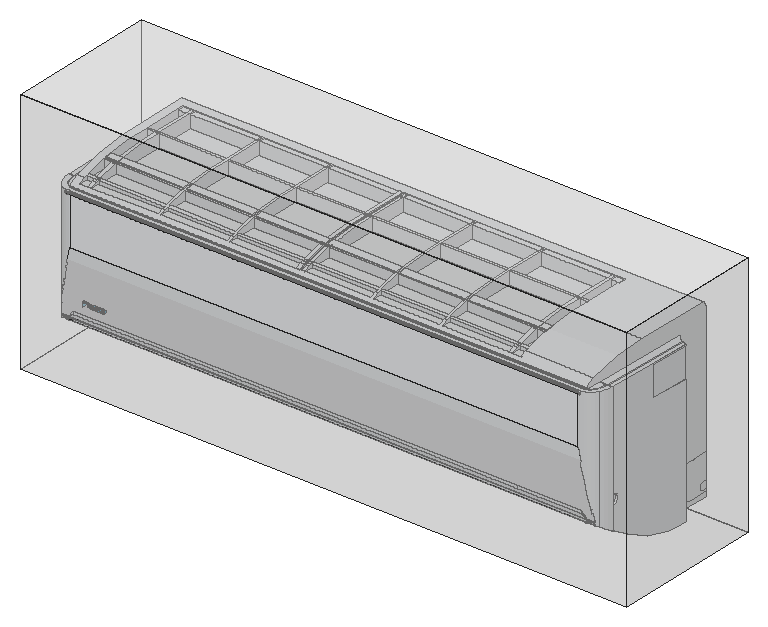
Revit family "outputfile", category 機械設備, Revit 2024
Family settings
  丸型コネクタ寸法 = 半径を使用
  パーツ タイプ = 標準
  OmniClass 番号 = 23.75.10.24.21.27.27
  OmniClass タイトル = Split System Air Conditioning Units
  作業面ベース = いいえ
  常に垂直 = はい
  ロード時にボイドで切り取り = いいえ
  注釈の向きを維持 = いいえ
  共有 = いいえ
  部屋計算ポイント = いいえ
Parameters (values of type "FXAQ20ARVM")
  書き出し IFC クラス(タイプ) = "IfcUnitaryEquipmentType"
  定義済み IFC タイプ(タイプ) = "AIRCONDITIONINGUNIT"
  switch_frequency = yes
  lh_powersupply = 55.0 mm  # constant formula
  製造元 = "Daikin"
  モデル = "FXAQ20ARVM"
  lh_drainpipe = 35.0 mm  # constant formula
  lh_liquidpipe = 40.0 mm  # constant formula
  lh_gaspipe = 20.0 mm  # constant formula
  r_Liquid Pipe Size = Liquid Pipe Size / 2  # 3.2 mm
  r_Gas Pipe Size = Gas Pipe Size / 2  # 6.35 mm
  r_Drain Pipe Size = Drain Pipe Size / 2  # 9.0 mm
  lw_powersupply [instance] = if(or(Left Connection_refrigerant, Right Connection_refrigerant), 464.5 mm, if(or(Bottom Left Connection_refrigerant, Rear Left Connection_refrigerant), 843.0 mm, 58.0 mm))  # 464.5 mm
  lw_liquidpipe [instance] = if(or(Left Connection_refrigerant, Right Connection_refrigerant), 490.0 mm, if(or(Bottom Left Connection_refrigerant, Rear Left Connection_refrigerant), 843.0 mm, 58.0 mm))  # 490.0 mm
  lw_gaspipe [instance] = if(or(Left Connection_refrigerant, Right Connection_refrigerant), 440.0 mm, if(or(Bottom Left Connection_refrigerant, Rear Left Connection_refrigerant), 858.0 mm, 73.0 mm))  # 440.0 mm
  lw_drainpipe [instance] = if(or(Left Connection_refrigerant, Right Connection_refrigerant), 570.0 mm, if(or(Bottom Left Connection_refrigerant, Rear Left Connection_refrigerant), 873.0 mm, 88.0 mm))  # 570.0 mm
  l_powersupply_length [instance] = if(Right Connection_refrigerant, 442.2 mm, if(Left Connection_refrigerant, 442.2 mm, if(or(Rear Left Connection_refrigerant, Rear Right Connection_refrigerant), 15.0 mm, 55.0 mm)))  # 442.2 mm
  l_liquidpipe_length [instance] = if(Left Connection_refrigerant, 416.4 mm, if(Right Connection_refrigerant, 467.4 mm, if(or(Bottom Left Connection_refrigerant, Bottom Right Connection_refrigerant), 40.0 mm, 35.0 mm)))  # 467.4 mm
  l_gaspipe_length [instance] = if(Left Connection_refrigerant, 466.4 mm, if(Right Connection_refrigerant, 417.4 mm, if(or(Bottom Left Connection_refrigerant, Bottom Right Connection_refrigerant), 20.0 mm, 35.0 mm)))  # 417.4 mm
  l_drainpipe_length [instance] = if(Left Connection_refrigerant, 336.7 mm, if(Right Connection_refrigerant, 547.7 mm, if(or(Bottom Left Connection_refrigerant, Bottom Right Connection_refrigerant), 30.0 mm, 15.0 mm)))  # 547.7 mm
  h*** = 0.0 mm  # constant formula
  connector_voltage = Voltage_50Hz  # 220 V
  connector_powerinput = if([Power Input (Cooling)] > [Power Input (Heating)], [Power Input (Cooling)], [Power Input (Heating)])  # 0.018 kW
  connector_phase = Phase_50Hz  # 1
  angle_vertical [instance] = if(or(Bottom Left Connection_refrigerant, Bottom Right Connection_refrigerant), 0.00°, 90.00°)  # 90.00°
  angle_horizontal [instance] = if(Right Connection_refrigerant, 90.00°, if(Left Connection_refrigerant, -90.00°, if(or(Rear Left Connection_refrigerant, Rear Right Connection_refrigerant), 180.00°, 0.00°)))  # 90.00°
  Width = 929.0 mm
  Voltage_comment_60Hz = "220-240"
  Voltage_comment_50Hz = "220-240"
  Voltage_60Hz = 220 V
  Voltage_50Hz = 220 V
  Version = "ver.1.0"
  Unit Type = "Wall Mounted"
  Unit Mass Weight = 13.00 kg
  Unit Designation [instance] = ""
  Uniclass2015Version = "Products v1.30"
  Uniclass2015Title = "Variable refrigerant flow units"
  Uniclass2015Code = "Pr_70_65_03_94"
  Total Heating Capacity [instance] = 0.000 kW
  Total Cooling Capacity [instance] = 0.000 kW
  Sound Pressure Level_L speed (dBA) = 31
  Sound Pressure Level_H speed (dBA) = 35
  Sound Power Level_H speed (dB) = 0
  Series = "VRV Fan Coil Unit"
  Sensible Cooling Capacity [instance] = 0.000 kW
  Refrigerant Type = "R410A"
  Power Input (Heating) = 0.018 kW
  Power Input (Cooling) = 0.017 kW
  Phase_60Hz = 1
  Phase_50Hz = 1
  Option Accessory 3 [instance] = ""
  Option Accessory 2 [instance] = ""
  Option Accessory 1 [instance] = ""
  Nominal Heating Capacity = 2.500 kW
  Nominal Cooling Capacity = 2.200 kW
  Minimum Circuit Amps_60Hz = 0.3 A
  Minimum Circuit Amps_50Hz = 0.3 A
  Minimum Airflow = 270.00 m³/h
  Maximum Fuse Amps_60Hz = 15.0 A
  Maximum Fuse Amps_50Hz = 15.0 A
  Maximum Airflow = 450.00 m³/h
  Material_Casing = DAIKIN_FreshWhite_Casing_indoorunit
  Load Classification = HVAC
  Liquid Pipe Size = 6.4 mm
  Link_Nested Family [instance] = ""
  IfcVersion = ""
  IfcExportType = "AIRCONDITIONINGUNIT"
  IfcExportAs = "IfcUnitaryEquipmentType"
  Height = 298.0 mm
  Heating Entering Wet Bulb Temperature [instance] = 0.00 °C
  Heating Entering Dry Bulb Temperature [instance] = 0.00 °C
  Heating Ambient Wet Bulb Temperature [instance] = 0.00 °C
  Heating Ambient Dry Bulb Temperature [instance] = 0.00 °C
  Heat Exchanger Type = "Cross Fin Coil"
  Gas Pipe Size = 12.7 mm
  Frequency_60Hz = 60 Hz
  Frequency_50Hz = 50 Hz
  Fan Type = "Cross Flow Fan"
  Fan Drive = "Direct Drive"
  FCU Tag No. [instance] = ""
  Drain Pipe Size = 18.0 mm
  Design Supply Airflow [instance] = 0.00 m³/h
  Depth = 258.0 mm
  既定の高さ = 0.0 mm
  Cooling Entering Wet Bulb Temperature [instance] = 0.00 °C
  Cooling Entering Dry Bulb Temperature [instance] = 0.00 °C
  Cooling Ambient Wet Bulb Temperature [instance] = 0.00 °C
  Cooling Ambient Dry Bulb Temperature [instance] = 0.00 °C
  Clearance visibility [instance] = yes
  Clearance Top = 90.0 mm
  Clearance Right = 50.0 mm
  Clearance Rear = 0.0 mm
  Clearance Left = 50.0 mm
  Clearance Front = 0.0 mm
  Clearance Bottom = 30.0 mm
  Bottom Right Connection_refrigerant [instance] = no
  Bottom Left Connection_refrigerant [instance] = no
  Rear Right Connection_refrigerant [instance] = no
  Rear Left Connection_refrigerant [instance] = no
  Right Connection_refrigerant [instance] = yes
  Left Connection_refrigerant [instance] = no
Reference planes
  plane 1 "Back": y = 0
  plane 2: z = 0
  plane 3 "Center (Left/Right)": x = 0
  plane 4 "Center (Front/Back)": y = -119
  plane 5: y = -238
  plane 6 "Left": x = -464.5
  plane 7 "Right": x = 464.5
  plane 8 "Top": z = 0
  plane 9: x = -514.5
  plane 10: x = 514.5
  plane 11: z = 90
  plane 12 "ld_drainpipe": y = -15
  plane 13: z = -284.5
  plane 14: z = -269.5
  plane 15: z = -251
  plane 16 "Clearance Bottom": z = -328
  plane 17: x = -105.5
  plane 18: x = -25.5
  plane 19: x = 24.5
  plane 20: x = 0
  plane 21 "Height": z = -298
  plane 22 "Front": y = -258
  plane 23: y = -35
  plane 24: y = -258
  plane 25: y = 0
Dimensions and locks
  equal spacing: plane 6 "Left", plane 3 "Center (Left/Right)", plane 7 "Right"
  "Width": plane 6 "Left" to plane 7 "Right"
  locked: plane 12 "ld_drainpipe" to plane 1 "Back" at 15
  "Clearance Left": plane 9 to plane 6 "Left"
  "Clearance Right": plane 7 "Right" to plane 10
  "Height": plane 8 "Top" to plane 21 "Height"
  "Depth": plane 22 "Front" to plane 1 "Back"
  locked: plane 23 to plane 1 "Back" at 35
  "lw_powersupply": plane 20 to plane 7 "Right"
  "lw_liquidpipe": plane 18 to plane 7 "Right"
  "lw_drainpipe": plane 17 to plane 7 "Right"
  "lw_gaspipe": plane 19 to plane 7 "Right"
  "Clearance Front": plane 22 "Front" to plane 24
  "Clearance Rear": plane 25 to plane 1 "Back"
  "Clearance Bottom": plane 21 "Height" to plane 16 "Clearance Bottom"
  "Clearance Top": plane 11 to plane 8 "Top"
  aligned and locked: level to plane 2
  aligned and locked: plane 9 to nested 1
  aligned and locked: plane 10 to nested 1
  aligned and locked: plane 11 to nested 1
  aligned and locked: nested 5 to plane 12 "ld_drainpipe"
  aligned and locked: level to plane 8 "Top"
  aligned and locked: plane 16 "Clearance Bottom" to nested 1
  aligned and locked: plane 17 to nested 4
  aligned and locked: plane 18 to nested 3
  aligned and locked: plane 19 to nested 2
  aligned and locked: plane 20 to nested 5
  aligned and locked: nested 2 to plane 23
  aligned and locked: nested 4 to plane 12 "ld_drainpipe"
  aligned and locked: nested 3 to plane 23
  aligned and locked: plane 24 to nested 1
  aligned and locked: nested 1 to plane 25
  aligned and locked: plane 1 "Back" to nested 6
  aligned and locked: plane 3 "Center (Left/Right)" to nested 6
Nested families
  nested 1: "daikin_clearancespace" at (0, -129, -118.881), show <- "Clearance visibility", visible <- "Clearance visibility", Link_Nested Family <- "Link_Nested Family", type "daikin_clearancespace"
    with width 1029.0 mm, show yes, height 418.0 mm, depth 258.0 mm, Link_Nested Family ""
  nested 2: "daikin_connector_rotate3" at (24.5, -35, -278), angle_vertical <- "angle_vertical", angle_horizontal <- "angle_horizontal", length <- "l_gaspipe_length", radius <- "r_Gas Pipe Size", built-in parameter 1001364 <- "lh_gaspipe", type "daikin_connector_rotate3"
    with show no, radius 6.35 mm, length 417.4 mm, angle_vertical 90.00°, angle_horizontal 90.00°
  nested 3: "daikin_connector_rotate3" at (-25.5, -35, -258), angle_vertical <- "angle_vertical", angle_horizontal <- "angle_horizontal", radius <- "r_Liquid Pipe Size", length <- "l_liquidpipe_length", built-in parameter 1001364 <- "lh_liquidpipe", type "daikin_connector_rotate3"
    with show no, radius 3.2 mm, length 467.4 mm, angle_vertical 90.00°, angle_horizontal 90.00°
  nested 4: "daikin_connector_rotate3" at (-105.5, -15, -263), angle_vertical <- "angle_vertical", angle_horizontal <- "angle_horizontal", length <- "l_drainpipe_length", radius <- "r_Drain Pipe Size", built-in parameter 1001364 <- "lh_drainpipe", type "daikin_connector_rotate3"
    with show no, radius 9.0 mm, length 547.7 mm, angle_vertical 90.00°, angle_horizontal 90.00°
  nested 5: "daikin_connector_rotate3" at (0, -15, -243), angle_vertical <- "angle_vertical", angle_horizontal <- "angle_horizontal", length <- "l_powersupply_length", built-in parameter 1001364 <- "lh_powersupply", type "daikin_connector_rotate3"
    with show no, radius 10.0 mm, length 442.2 mm, angle_vertical 90.00°, angle_horizontal 90.00°
  nested 6: "FXAQ-ARVM" at (0, 0, 0), type "FXAQ-ARVM"
Connectors
  electrical at (442.2, -15, -243), driven by "Load Classification", driven by "connector_voltage", driven by "connector_powerinput", driven by "connector_phase"
    settings: on nested 5, index 1, voltage 220 V, apparent load 18 VA, apparent load phase1 0 VA, apparent load phase2 0 VA, apparent load phase3 0 VA, power factor 1, load classification "HVAC", number of poles 1, system type 30, power factor state 1, is connector primary yes, connector utility no, sub classification motor no, connector description "Power Supply"
  piping at (442.2, -15, -263), diameter 18, driven by "r_Drain Pipe Size"
    settings: on nested 4, index 2, connector inside diameter 609.6 mm, connector length 0.0 mm, flow factor 0, pipe flow 0.00 m³/h, pressure drop 0.0 Pa, fitting loss kfactor 0, connector angle 0.00°, fixture units 0, engagement length 0.0 mm, angle of deflection 0.00°, flow configuration 1, flow direction 2, fitting loss method 4, system type 16, joint type 0, gender type 0, connector reference index -1, connector utility 0, adjustable connector no, is connector primary yes, connector description "Condensate Drain Piping"
  piping at (441.9, -35, -278), diameter 12.7, driven by "r_Gas Pipe Size"
    settings: on nested 2, index 3, connector inside diameter 609.6 mm, connector length 0.0 mm, flow factor 0, pipe flow 0.00 m³/h, pressure drop 0.0 Pa, fitting loss kfactor 0, connector angle 0.00°, fixture units 0, engagement length 0.0 mm, angle of deflection 0.00°, flow configuration 1, flow direction 2, fitting loss method 0, system type 29, joint type 0, gender type 0, connector reference index -1, connector utility 0, adjustable connector no, is connector primary no, connector description "Refrigerant Gas Piping"
  piping at (441.9, -35, -258), diameter 6.4, driven by "r_Liquid Pipe Size"
    settings: on nested 3, index 4, connector inside diameter 609.6 mm, connector length 0.0 mm, flow factor 0, pipe flow 0.00 m³/h, pressure drop 0.0 Pa, fitting loss kfactor 0, connector angle 0.00°, fixture units 0, engagement length 0.0 mm, angle of deflection 0.00°, flow configuration 1, flow direction 1, fitting loss method 0, system type 29, joint type 0, gender type 0, connector reference index -1, connector utility 0, adjustable connector no, is connector primary no, connector description "Refrigerant Liquid Piping"
Definition of nested family "daikin_clearancespace"
  Parameters (values of type "daikin_clearancespace")
    Description = "daikin_clearancespace"
    width [instance] = 1823.963 mm
    show [instance] = yes
    material = none
    height [instance] = 1359.762 mm
    depth [instance] = 880.0 mm
    Default Elevation = 0.0 mm
    Link_Nested Family [instance] = ""
  Reference planes
    plane 1 "Center (Front/Back)": y = 0
    plane 2 "Center (Elevation)": z = -0.119
    plane 3 "Center (Left/Right)": x = 0
    plane 4: y = 440
    plane 5: y = -440
    plane 6 "Right": x = 911.982
    plane 7 "Left": x = -911.982
    plane 8 "Top": z = 679.762
    plane 9 "Bottom": z = -680
  Forms (mm)
    Extrusion 1, solid, material <- "material", visible <- "show"
      sketch origin (0, 0, 0) x (1, 0, 0) y (0, 1, 0)
        loop
          line (-911.982, 440) -> (-911.982, -440) -> (911.982, -440) -> (911.982, 440) -> (-911.982, 440)
      from -680 to 679.762
  Lines and regions (mm)
    symbolic lines, visible <- "show"
      curve 1: line (911.982, 440, 0) -> (-911.982, 440, 0)
      curve 2: line (-911.982, 440, 0) -> (-911.982, -440, 0)
      curve 3: line (-911.982, -440, 0) -> (911.982, -440, 0)
      curve 4: line (911.982, -440, 0) -> (911.982, 440, 0)
      curve 5: line (911.982, 0, 679.762) -> (-911.982, 0, 679.762)
      curve 6: line (911.982, 0, -680) -> (911.982, 0, 679.762)
      curve 7: line (-911.982, 0, -680) -> (911.982, 0, -680)
      curve 8: line (-911.982, 0, 679.762) -> (-911.982, 0, -680)
      curve 9: line (0, 440, 679.762) -> (0, -440, 679.762)
      curve 10: line (0, -440, 679.762) -> (0, -440, -680)
      curve 11: line (0, 440, -680) -> (0, 440, 679.762)
      curve 12: line (0, -440, -680) -> (0, 440, -680)
  Dimensions and locks
    "width": plane 7 "Left" to plane 6 "Right"
    "depth": plane 4 to plane 5
    "height": plane 8 "Top" to plane 9 "Bottom"
    equal spacing: plane 7 "Left", plane 3 "Center (Left/Right)", plane 6 "Right"
    equal spacing: plane 4, plane 1 "Center (Front/Back)", plane 5
    equal spacing: plane 8 "Top", plane 2 "Center (Elevation)", plane 9 "Bottom"
    aligned and locked: level to plane 2 "Center (Elevation)"
    aligned and locked: Extrusion 1 sketch curve to plane 4
    aligned and locked: plane 7 "Left" to Extrusion 1 sketch curve
    aligned and locked: Extrusion 1 sketch curve to plane 5
    aligned and locked: Extrusion 1 sketch curve to plane 6 "Right"
    aligned and locked: plane 8 "Top" to Extrusion 1
    aligned and locked: curve 1 to Extrusion 1
    aligned and locked: curve 2 to Extrusion 1
    aligned and locked: curve 3 to Extrusion 1
    aligned and locked: curve 4 to Extrusion 1
    aligned and locked: curve 5 to Extrusion 1
    aligned and locked: curve 6 to Extrusion 1
    aligned and locked: curve 7 to Extrusion 1
    aligned and locked: curve 8 to Extrusion 1
    aligned and locked: curve 9 to Extrusion 1
    aligned and locked: curve 10 to Extrusion 1
    aligned and locked: curve 11 to Extrusion 1
    aligned and locked: curve 12 to Extrusion 1
    aligned and locked: Extrusion 1 to plane 9 "Bottom"
Definition of nested family "FXAQ-ARVM"
  Parameters (values of type "FXAQ-ARVM")
    Width = 929.0 mm
    Material_Casing = none
    Default Elevation = 0.0 mm
  Reference planes
    plane 1 "Center (Front/Back)": y = 0
    plane 2 "reference_level": z = 0
    plane 3 "Center (Left/Right)": x = 0
  Forms (mm)
    Extrusion 1, solid, material <- "Material_Casing"
      sketch origin (37.5, 0, 0) x (1, 0, 0) y (0, 0, 1)
        loop
          circle (357, -249) r 40
        loop
          circle (-428, -250) r 40
      from 0 to 5
    Extrusion 2, solid, material <- "Material_Casing"
      sketch origin (-525, 1296.25, 1200) x (0, 1, 0) y (0, 0, 1)
        loop
          line (-1542.822, -1430.612) -> (-1517.25, -1446.105) -> (-1517.25, -1228.309)
          arc (-1517.25, -1228.309) -> (-1517.546, -1227.599) -> (-1518.259, -1227.309) r 1
          line (-1518.259, -1227.309) -> (-1553.177, -1227.614)
          arc (-1553.177, -1227.614) -> (-1553.593, -1227.787) -> (-1553.771, -1228.201) r 0.6
          line (-1553.771, -1228.201) -> (-1553.814, -1230.3) -> (-1552.816, -1230.309) -> (-1552.852, -1232.291) -> (-1554.25, -1232.303) -> (-1554.25, -1313.777)
          arc (-1554.25, -1313.777) -> (-1551.733, -1369.498) -> (-1544.203, -1424.766) r 618.013
          line (-1544.203, -1424.766) -> (-1543.119, -1425.138) -> (-1542.798, -1426.992) -> (-1543.814, -1426.992) -> (-1543.288, -1429.932)
          arc (-1543.288, -1429.932) -> (-1543.128, -1430.322) -> (-1542.822, -1430.612) r 1
      from 60.5 to 989.5
    Extrusion 3, void
      sketch origin (-525, 1296.25, 1200) x (0, 1, 0) y (0, 0, 1)
        loop
          arc (-1489.957, -1468.485) -> (-1468.343, -1480.342) -> (-1445.644, -1489.96) r 244.307
          arc (-1445.644, -1489.96) -> (-1423.667, -1496.837) -> (-1401.141, -1501.621) r 244.995
          arc (-1401.141, -1501.621) -> (-1397.468, -1502.156) -> (-1393.777, -1502.56) r 104.996
          line (-1393.777, -1502.56) -> (-1391.536, -1481.238)
          arc (-1391.536, -1481.238) -> (-1392.885, -1481.047) -> (-1394.231, -1480.837) r 94.996
          arc (-1394.231, -1480.837) -> (-1415.837, -1476.248) -> (-1436.917, -1469.651) r 234.995
          arc (-1436.917, -1469.651) -> (-1458.423, -1460.555) -> (-1478.917, -1449.363) r 234.307
          line (-1478.917, -1449.363) -> (-1489.957, -1468.485)
      from 129 to 821
    Extrusion 4, void
      sketch origin (-610.615, -1524, -240) x (-1, 0, 0) y (0, -1, 0)
        loop
          line (-317.415, -1501.5) -> (-184.115, -1501.5) -> (-184.115, -1427.5) -> (-317.415, -1427.5) -> (-317.415, -1501.5)
        loop
          line (-434.415, -1501.5) -> (-321.415, -1501.5) -> (-321.415, -1427.5) -> (-434.415, -1427.5) -> (-434.415, -1501.5)
        loop
          line (-557.415, -1501.5) -> (-438.415, -1501.5) -> (-438.415, -1427.5) -> (-557.415, -1427.5) -> (-557.415, -1501.5)
        loop
          line (-678.815, -1501.5) -> (-559.815, -1501.5) -> (-559.815, -1427.5) -> (-678.815, -1427.5) -> (-678.815, -1501.5)
        loop
          line (-795.815, -1501.5) -> (-682.815, -1501.5) -> (-682.815, -1427.5) -> (-795.815, -1427.5) -> (-795.815, -1501.5)
        loop
          line (-933.115, -1501.5) -> (-799.815, -1501.5) -> (-799.815, -1427.5) -> (-933.115, -1427.5) -> (-933.115, -1501.5)
        loop
          line (-317.415, -1423.5) -> (-184.115, -1423.5) -> (-184.115, -1336.5) -> (-317.415, -1336.5) -> (-317.415, -1423.5)
        loop
          line (-434.415, -1423.5) -> (-321.415, -1423.5) -> (-321.415, -1336.5) -> (-434.415, -1336.5) -> (-434.415, -1423.5)
        loop
          line (-557.415, -1423.5) -> (-438.415, -1423.5) -> (-438.415, -1336.5) -> (-557.415, -1336.5) -> (-557.415, -1423.5)
        loop
          line (-678.815, -1423.5) -> (-559.815, -1423.5) -> (-559.815, -1336.5) -> (-678.815, -1336.5) -> (-678.815, -1423.5)
        loop
          line (-795.815, -1423.5) -> (-682.815, -1423.5) -> (-682.815, -1336.5) -> (-795.815, -1336.5) -> (-795.815, -1423.5)
        loop
          line (-933.115, -1423.5) -> (-799.815, -1423.5) -> (-799.815, -1336.5) -> (-933.115, -1336.5) -> (-933.115, -1423.5)
        loop
          line (-317.415, -1332.5) -> (-184.115, -1332.5) -> (-184.115, -1300.5) -> (-317.415, -1300.5) -> (-317.415, -1332.5)
        loop
          line (-434.415, -1332.5) -> (-321.415, -1332.5) -> (-321.415, -1300.5) -> (-434.415, -1300.5) -> (-434.415, -1332.5)
        loop
          line (-557.415, -1332.5) -> (-438.415, -1332.5) -> (-438.415, -1300.5) -> (-557.415, -1300.5) -> (-557.415, -1332.5)
        loop
          line (-678.815, -1332.5) -> (-559.815, -1332.5) -> (-559.815, -1300.5) -> (-678.815, -1300.5) -> (-678.815, -1332.5)
        loop
          line (-795.815, -1332.5) -> (-682.815, -1332.5) -> (-682.815, -1300.5) -> (-795.815, -1300.5) -> (-795.815, -1332.5)
        loop
          line (-933.115, -1332.5) -> (-799.815, -1332.5) -> (-799.815, -1300.5) -> (-933.115, -1300.5) -> (-933.115, -1332.5)
        loop
          line (-317.415, -1296.5) -> (-184.115, -1296.5) -> (-184.115, -1273.985) -> (-317.415, -1273.985) -> (-317.415, -1296.5)
        loop
          line (-434.415, -1296.5) -> (-321.415, -1296.5) -> (-321.415, -1273.985) -> (-434.415, -1273.985) -> (-434.415, -1296.5)
        loop
          line (-557.415, -1296.5) -> (-438.415, -1296.5) -> (-438.415, -1273.985) -> (-557.415, -1273.985) -> (-557.415, -1296.5)
        loop
          line (-678.815, -1296.5) -> (-559.815, -1296.5) -> (-559.815, -1273.985) -> (-678.815, -1273.985) -> (-678.815, -1296.5)
        loop
          line (-795.815, -1296.5) -> (-682.815, -1296.5) -> (-682.815, -1273.985) -> (-795.815, -1273.985) -> (-795.815, -1296.5)
        loop
          line (-933.115, -1296.5) -> (-799.815, -1296.5) -> (-799.815, -1273.985) -> (-933.115, -1273.985) -> (-933.115, -1296.5)
      from 218.718 to 250
    Extrusion 5, solid, material <- "Material_Casing"
      sketch origin (31, 0, 0) x (0, 1, 0) y (0, 0, 1)
        loop
          arc (-133, 0) -> (-183.089, -4.257) -> (-231.74, -16.907) r 296.792
          arc (-231.74, -16.907) -> (-240.035, -20.716) -> (-247.498, -25.97) r 50
          line (-247.498, -25.97) -> (-247.498, -27.531) -> (-221, -27.3) -> (-221, -28.237) -> (-220, -28.237) -> (-220, -245.585)
          arc (-220, -245.585) -> (-219.743, -246.566) -> (-219.036, -247.295) r 2
          line (-219.036, -247.295) -> (-215.453, -249.466) -> (-189.599, -265.136)
          arc (-189.599, -265.136) -> (-169.128, -276.22) -> (-147.677, -285.263) r 239.307
          arc (-147.677, -285.263) -> (-126.149, -292) -> (-104.083, -296.687) r 239.995
          arc (-104.083, -296.687) -> (-96.033, -297.671) -> (-87.93, -298) r 99.996
          line (-87.93, -298) -> (0, -298) -> (0, -8.5) -> (-5, 0) -> (-133, 0)
      from -495.5 to 433.5
    Extrusion 6, void
      sketch origin (0, 0, 0) x (1, 0, 0) y (0, 1, 0)
        loop
          arc (-464.5, -69.996) -> (-451.865, -64.288) -> (-441.567, -55.003) r 45.003
          line (-441.567, -55.003) -> (-442.5, 0) -> (-464.5, 0) -> (-464.5, -69.996)
        loop
          line (464.5, -69.996) -> (464.5, 0) -> (442.5, 0) -> (441.567, -55.003)
          arc (441.567, -55.003) -> (451.865, -64.288) -> (464.5, -69.996) r 45.003
      from -350.147 to 42.558
    Extrusion 7, solid, material <- "Material_Casing"
      sketch origin (464.482, 1296.064, 1192) x (-0.016958, -0.999856, 0) y (0, 0, 1)
        loop
          line (1326.25, -1422) -> (1296.25, -1422) -> (1296.25, -1465) -> (1302.753, -1465)
          spline (1302.753, -1465) -> (1304.435, -1465.221) -> (1306.003, -1465.871) -> (1307.349, -1466.904) -> (1308.382, -1468.25) -> (1309.031, -1469.818) -> (1309.252, -1471.5) -> (1309.031, -1473.182) -> (1308.382, -1474.75) -> (1307.349, -1476.096) -> (1306.003, -1477.129) -> (1304.435, -1477.779) -> (1302.753, -1478)
          line (1302.753, -1478) -> (1296.25, -1478) -> (1296.25, -1482) -> (1326.25, -1482)
          arc (1326.25, -1482) -> (1340.393, -1476.142) -> (1346.25, -1462) r 20
          line (1346.25, -1462) -> (1346.25, -1442)
          arc (1346.25, -1442) -> (1340.393, -1427.858) -> (1326.25, -1422) r 20
      from 0 to 5
    Extrusion 8, solid, material <- "Material_Casing"
      sketch origin (-464.482, 1296.064, 1192) x (-0.016958, 0.999856, 0) y (0, 0, 1)
        loop
          line (-1296.25, -1422) -> (-1326.25, -1422)
          arc (-1326.25, -1422) -> (-1340.393, -1427.858) -> (-1346.25, -1442) r 20
          line (-1346.25, -1442) -> (-1346.25, -1462)
          arc (-1346.25, -1462) -> (-1340.393, -1476.142) -> (-1326.25, -1482) r 20
          line (-1326.25, -1482) -> (-1296.25, -1482) -> (-1296.25, -1478) -> (-1302.753, -1478)
          spline (-1302.753, -1478) -> (-1304.435, -1477.779) -> (-1306.003, -1477.129) -> (-1307.349, -1476.096) -> (-1308.382, -1474.75) -> (-1309.031, -1473.182) -> (-1309.252, -1471.5) -> (-1309.031, -1469.818) -> (-1308.382, -1468.25) -> (-1307.349, -1466.904) -> (-1306.003, -1465.871) -> (-1304.435, -1465.221) -> (-1302.753, -1465)
          line (-1302.753, -1465) -> (-1296.25, -1465) -> (-1296.25, -1422)
      from 0 to 5
    Extrusion 9, void
      sketch origin (0, 0, 0) x (1, 0, 0) y (0, 1, 0)
        loop
          arc (451.583, -220.532) -> (450.652, -229.688) -> (447.774, -238.43) r 42.574
          arc (447.774, -238.43) -> (440.881, -246.096) -> (430.995, -249.015) r 18.939
          line (430.995, -249.015) -> (322.5, -249.015) -> (-430.995, -249.015)
          arc (-430.995, -249.015) -> (-440.881, -246.096) -> (-447.774, -238.43) r 18.939
          arc (-447.774, -238.43) -> (-450.652, -229.688) -> (-451.583, -220.532) r 42.574
          line (-451.583, -220.532) -> (-455.638, -65.672)
          arc (-455.638, -65.672) -> (-456.13, -65.926) -> (-456.626, -66.174) r 45.003
          line (-456.626, -66.174) -> (-452.526, -222.254)
          arc (-452.526, -222.254) -> (-451.441, -230.753) -> (-448.676, -238.863) r 42.58
          arc (-448.676, -238.863) -> (-441.392, -246.902) -> (-431, -250.015) r 20.209
          line (-431, -250.015) -> (431, -250.015)
          arc (431, -250.015) -> (441.392, -246.902) -> (448.676, -238.863) r 20.209
          arc (448.676, -238.863) -> (451.441, -230.753) -> (452.539, -222.254) r 42.58
          line (452.539, -222.254) -> (456.626, -66.151)
          arc (456.626, -66.151) -> (456.131, -65.903) -> (455.639, -65.649) r 45.003
          line (455.639, -65.649) -> (451.583, -220.532)
      from -514.227 to 32.749
    Extrusion 10, void
      sketch origin (0, 0, 0) x (1, 0, 0) y (0, 1, 0)
        loop
          arc (-430.764, -258.014) -> (-445.174, -254.026) -> (-455.485, -243.197) r 28.031
          arc (-455.485, -243.197) -> (-459.127, -232.113) -> (-460.561, -220.535) r 60.175
          line (-460.561, -220.535) -> (-464.5, -69.996) -> (-499.5, -69.996) -> (-499.5, -354.996) -> (499.5, -354.996) -> (499.5, -69.996) -> (464.5, -69.996) -> (460.598, -220.541)
          arc (460.598, -220.541) -> (459.601, -231.543) -> (456.08, -242.014) r 47.329
          arc (456.08, -242.014) -> (445.774, -253.677) -> (430.826, -258.014) r 27.93
          line (430.826, -258.014) -> (-430.764, -258.014)
      from -1033.399 to 0
    Extrusion 11, void
      sketch origin (0, 0, 0) x (1, 0, 0) y (0, 1, 0)
        loop
          arc (-455.485, -243.197) -> (-459.291, -232.263) -> (-460.562, -220.754) r 51.556
          line (-460.562, -220.754) -> (-492.49, -141.73) -> (-492.49, -316.73) -> (492.49, -316.73) -> (492.49, -141.73) -> (460.599, -220.663)
          arc (460.599, -220.663) -> (459.482, -231.58) -> (456.08, -242.014) r 51.576
          arc (456.08, -242.014) -> (445.844, -253.621) -> (431, -258) r 27.939
          line (431, -258) -> (-431, -258)
          arc (-431, -258) -> (-445.281, -253.971) -> (-455.485, -243.197) r 27.939
      from -354.312 to 0
    Extrusion 12, void
      sketch origin (0, 0, 0) x (1, 0, 0) y (0, 1, 0)
        loop
          line (435.004, -431) -> (510.5, -431) -> (510.5, 78.522) -> (443.898, 78.522) -> (435.004, -431)
      from -28.941 to 250
    Extrusion 13, void
      sketch origin (0, 0, 0) x (1, 0, 0) y (0, 1, 0)
        loop
          line (-438.024, -258) -> (-442.527, 0) -> (-469.5, 0) -> (-469.5, -258) -> (-438.024, -258)
      from -27.788 to 250
    Extrusion 14, solid, material <- "Material_Casing"
      sketch origin (31, 0, 0) x (0, 1, 0) y (0, 0, 1)
        loop
          arc (-175.5, -3.059) -> (-181.51, -3.991) -> (-187.5, -5.047) r 296.792
          line (-187.5, -5.047) -> (-187.5, -28.237) -> (-175.5, -28.237) -> (-175.5, -3.059)
        loop
          line (-33.5, 0) -> (-33.5, -28.237) -> (-22.5, -28.237) -> (-22.5, 0) -> (-33.5, 0)
      from -457.5 to -324.2
    Extrusion 15, solid, material <- "Material_Casing"
      sketch origin (384, 0, 0) x (0, 1, 0) y (0, 0, 1)
        loop
          arc (-175.5, -3.059) -> (-181.51, -3.991) -> (-187.5, -5.047) r 296.792
          line (-187.5, -5.047) -> (-187.5, -28.237) -> (-175.5, -28.237) -> (-175.5, -3.059)
        loop
          line (-33.5, 0) -> (-33.5, -28.237) -> (-22.5, -28.237) -> (-22.5, 0) -> (-33.5, 0)
      from -556.2 to -437.2
    Extrusion 16, solid, material <- "Material_Casing"
      sketch origin (392.4, 0, 0) x (0, 1, 0) y (0, 0, 1)
        loop
          arc (-175.5, -3.059) -> (-181.51, -3.991) -> (-187.5, -5.047) r 296.792
          line (-187.5, -5.047) -> (-187.5, -28.237) -> (-175.5, -28.237) -> (-175.5, -3.059)
        loop
          line (-33.5, 0) -> (-33.5, -28.237) -> (-22.5, -28.237) -> (-22.5, 0) -> (-33.5, 0)
      from -443.2 to -324.2
    Extrusion 17, solid, material <- "Material_Casing"
      sketch origin (745.4, 0, 0) x (0, 1, 0) y (0, 0, 1)
        loop
          arc (-175.5, -3.059) -> (-181.51, -3.991) -> (-187.5, -5.047) r 296.792
          line (-187.5, -5.047) -> (-187.5, -28.237) -> (-175.5, -28.237) -> (-175.5, -3.059)
        loop
          line (-33.5, 0) -> (-33.5, -28.237) -> (-22.5, -28.237) -> (-22.5, 0) -> (-33.5, 0)
      from -556.2 to -422.9
    Extrusion 18, solid, material <- "Material_Casing"
      sketch origin (628.4, 0, 0) x (0, 1, 0) y (0, 0, 1)
        loop
          arc (-175.5, -3.059) -> (-181.51, -3.991) -> (-187.5, -5.047) r 296.792
          line (-187.5, -5.047) -> (-187.5, -28.237) -> (-175.5, -28.237) -> (-175.5, -3.059)
        loop
          line (-33.5, 0) -> (-33.5, -28.237) -> (-22.5, -28.237) -> (-22.5, 0) -> (-33.5, 0)
      from -556.2 to -443.2
    Extrusion 19, solid, material <- "Material_Casing"
      sketch origin (267, 0, 0) x (0, 1, 0) y (0, 0, 1)
        loop
          arc (-175.5, -3.059) -> (-181.51, -3.991) -> (-187.5, -5.047) r 296.792
          line (-187.5, -5.047) -> (-187.5, -28.237) -> (-175.5, -28.237) -> (-175.5, -3.059)
        loop
          line (-33.5, 0) -> (-33.5, -28.237) -> (-22.5, -28.237) -> (-22.5, 0) -> (-33.5, 0)
      from -556.2 to -443.2
    Extrusion 20, solid, material <- "Material_Casing"
      sketch origin (31, 0, 0) x (0, 1, 0) y (0, 0, 1)
        loop
          line (-22.5, 0) -> (-96.5, 0) -> (-96.5, -27.3) -> (-22.5, -27.3) -> (-22.5, 0)
        loop
          spline (-133.001, 0) -> (-137.568, -0.035) -> (-142.135, -0.141) -> (-146.699, -0.316) -> (-151.259, -0.562) -> (-155.816, -0.878) -> (-160.367, -1.264) -> (-164.912, -1.721) -> (-169.449, -2.247) -> (-173.977, -2.842) -> (-178.496, -3.508) -> (-183.004, -4.243) -> (-187.5, -5.047)
          line (-187.5, -5.047) -> (-187.5, -27.3) -> (-100.5, -27.3) -> (-100.5, 0) -> (-133.001, 0)
        loop
          line (-223.5, -14.134) -> (-223.5, -27.3) -> (-191.5, -27.3) -> (-191.5, -5.822)
          spline (-191.5, -5.822) -> (-194.2, -6.378) -> (-196.895, -6.959) -> (-199.584, -7.565) -> (-202.267, -8.196) -> (-204.945, -8.852) -> (-207.616, -9.532) -> (-210.281, -10.238) -> (-212.939, -10.968) -> (-215.59, -11.723) -> (-218.234, -12.502) -> (-220.871, -13.306) -> (-223.5, -14.134)
        loop
          spline (-227.5, -15.446) -> (-227.854, -15.565) -> (-228.208, -15.685) -> (-228.562, -15.805) -> (-228.916, -15.926) -> (-229.269, -16.047) -> (-229.623, -16.168) -> (-229.976, -16.29) -> (-230.329, -16.412) -> (-230.682, -16.535) -> (-231.035, -16.658) -> (-231.387, -16.782) -> (-231.74, -16.906)
          arc (-231.74, -16.906) -> (-236.479, -18.856) -> (-240.994, -21.282) r 50
          line (-240.994, -21.282) -> (-227.5, -21.282) -> (-227.5, -15.446)
      from -443.2 to -437.2
    Extrusion 21, solid, material <- "Material_Casing"
      sketch origin (384, 0, 0) x (0, 1, 0) y (0, 0, 1)
        loop
          line (-22.5, 0) -> (-96.5, 0) -> (-96.5, -27.3) -> (-22.5, -27.3) -> (-22.5, 0)
        loop
          spline (-133.001, 0) -> (-137.568, -0.035) -> (-142.135, -0.141) -> (-146.699, -0.316) -> (-151.259, -0.562) -> (-155.816, -0.878) -> (-160.367, -1.264) -> (-164.912, -1.721) -> (-169.449, -2.247) -> (-173.977, -2.842) -> (-178.496, -3.508) -> (-183.004, -4.243) -> (-187.5, -5.047)
          line (-187.5, -5.047) -> (-187.5, -27.3) -> (-100.5, -27.3) -> (-100.5, 0) -> (-133.001, 0)
        loop
          line (-223.5, -14.134) -> (-223.5, -27.3) -> (-191.5, -27.3) -> (-191.5, -5.822)
          spline (-191.5, -5.822) -> (-194.2, -6.378) -> (-196.895, -6.959) -> (-199.584, -7.565) -> (-202.267, -8.196) -> (-204.945, -8.852) -> (-207.616, -9.532) -> (-210.281, -10.238) -> (-212.939, -10.968) -> (-215.59, -11.723) -> (-218.234, -12.502) -> (-220.871, -13.306) -> (-223.5, -14.134)
        loop
          spline (-227.5, -15.446) -> (-227.854, -15.565) -> (-228.208, -15.685) -> (-228.562, -15.805) -> (-228.916, -15.926) -> (-229.269, -16.047) -> (-229.623, -16.168) -> (-229.976, -16.29) -> (-230.329, -16.412) -> (-230.682, -16.535) -> (-231.035, -16.658) -> (-231.387, -16.782) -> (-231.74, -16.906)
          arc (-231.74, -16.906) -> (-236.479, -18.856) -> (-240.994, -21.282) r 50
          line (-240.994, -21.282) -> (-227.5, -21.282) -> (-227.5, -15.446)
      from -443.2 to -437.2
    Extrusion 22, solid, material <- "Material_Casing"
      sketch origin (392.4, 0, 0) x (0, 1, 0) y (0, 0, 1)
        loop
          line (-22.5, 0) -> (-96.5, 0) -> (-96.5, -27.3) -> (-22.5, -27.3) -> (-22.5, 0)
        loop
          spline (-133.001, 0) -> (-137.568, -0.035) -> (-142.135, -0.141) -> (-146.699, -0.316) -> (-151.259, -0.562) -> (-155.816, -0.878) -> (-160.367, -1.264) -> (-164.912, -1.721) -> (-169.449, -2.247) -> (-173.977, -2.842) -> (-178.496, -3.508) -> (-183.004, -4.243) -> (-187.5, -5.047)
          line (-187.5, -5.047) -> (-187.5, -27.3) -> (-100.5, -27.3) -> (-100.5, 0) -> (-133.001, 0)
        loop
          line (-223.5, -14.134) -> (-223.5, -27.3) -> (-191.5, -27.3) -> (-191.5, -5.822)
          spline (-191.5, -5.822) -> (-194.2, -6.378) -> (-196.895, -6.959) -> (-199.584, -7.565) -> (-202.267, -8.196) -> (-204.945, -8.852) -> (-207.616, -9.532) -> (-210.281, -10.238) -> (-212.939, -10.968) -> (-215.59, -11.723) -> (-218.234, -12.502) -> (-220.871, -13.306) -> (-223.5, -14.134)
        loop
          spline (-227.5, -15.446) -> (-227.854, -15.565) -> (-228.208, -15.685) -> (-228.562, -15.805) -> (-228.916, -15.926) -> (-229.269, -16.047) -> (-229.623, -16.168) -> (-229.976, -16.29) -> (-230.329, -16.412) -> (-230.682, -16.535) -> (-231.035, -16.658) -> (-231.387, -16.782) -> (-231.74, -16.906)
          arc (-231.74, -16.906) -> (-236.479, -18.856) -> (-240.994, -21.282) r 50
          line (-240.994, -21.282) -> (-227.5, -21.282) -> (-227.5, -15.446)
      from -443.2 to -437.2
    Extrusion 23, solid, material <- "Material_Casing"
      sketch origin (745.4, 0, 0) x (0, 1, 0) y (0, 0, 1)
        loop
          line (-22.5, 0) -> (-96.5, 0) -> (-96.5, -27.3) -> (-22.5, -27.3) -> (-22.5, 0)
        loop
          spline (-133.001, 0) -> (-137.568, -0.035) -> (-142.135, -0.141) -> (-146.699, -0.316) -> (-151.259, -0.562) -> (-155.816, -0.878) -> (-160.367, -1.264) -> (-164.912, -1.721) -> (-169.449, -2.247) -> (-173.977, -2.842) -> (-178.496, -3.508) -> (-183.004, -4.243) -> (-187.5, -5.047)
          line (-187.5, -5.047) -> (-187.5, -27.3) -> (-100.5, -27.3) -> (-100.5, 0) -> (-133.001, 0)
        loop
          line (-223.5, -14.134) -> (-223.5, -27.3) -> (-191.5, -27.3) -> (-191.5, -5.822)
          spline (-191.5, -5.822) -> (-194.2, -6.378) -> (-196.895, -6.959) -> (-199.584, -7.565) -> (-202.267, -8.196) -> (-204.945, -8.852) -> (-207.616, -9.532) -> (-210.281, -10.238) -> (-212.939, -10.968) -> (-215.59, -11.723) -> (-218.234, -12.502) -> (-220.871, -13.306) -> (-223.5, -14.134)
        loop
          spline (-227.5, -15.446) -> (-227.854, -15.565) -> (-228.208, -15.685) -> (-228.562, -15.805) -> (-228.916, -15.926) -> (-229.269, -16.047) -> (-229.623, -16.168) -> (-229.976, -16.29) -> (-230.329, -16.412) -> (-230.682, -16.535) -> (-231.035, -16.658) -> (-231.387, -16.782) -> (-231.74, -16.906)
          arc (-231.74, -16.906) -> (-236.479, -18.856) -> (-240.994, -21.282) r 50
          line (-240.994, -21.282) -> (-227.5, -21.282) -> (-227.5, -15.446)
      from -443.2 to -437.2
    Extrusion 24, solid, material <- "Material_Casing"
      sketch origin (-525, 1301.456, 1185.983) x (0, 1, 0) y (0, 0, 1)
        loop
          line (-1490.365, -1448.375) -> (-1491.955, -1450.92)
          arc (-1491.955, -1450.92) -> (-1471.02, -1462.298) -> (-1449.069, -1471.566) r 242.307
          arc (-1449.069, -1471.566) -> (-1427.272, -1478.388) -> (-1404.93, -1483.133) r 242.995
          arc (-1404.93, -1483.133) -> (-1402.218, -1483.539) -> (-1399.497, -1483.874) r 102.996
          line (-1399.497, -1483.874) -> (-1399.183, -1480.89)
          arc (-1399.183, -1480.89) -> (-1401.819, -1480.566) -> (-1404.446, -1480.172) r 99.996
          arc (-1404.446, -1480.172) -> (-1426.511, -1475.486) -> (-1448.04, -1468.748) r 239.995
          arc (-1448.04, -1468.748) -> (-1469.704, -1459.603) -> (-1490.365, -1448.375) r 239.307
      from 135 to 817
    Extrusion 25, solid, material <- "Material_Casing"
      sketch origin (-525, 1301.456, 1185.983) x (0, 1, 0) y (0, 0, 1)
        loop
          line (-1490.365, -1448.375) -> (-1491.955, -1450.92)
          arc (-1491.955, -1450.92) -> (-1471.02, -1462.298) -> (-1449.069, -1471.566) r 242.307
          arc (-1449.069, -1471.566) -> (-1427.272, -1478.388) -> (-1404.93, -1483.133) r 242.995
          arc (-1404.93, -1483.133) -> (-1402.218, -1483.539) -> (-1399.497, -1483.874) r 102.996
          line (-1399.497, -1483.874) -> (-1399.183, -1480.89)
          arc (-1399.183, -1480.89) -> (-1401.819, -1480.566) -> (-1404.446, -1480.172) r 99.996
          arc (-1404.446, -1480.172) -> (-1426.511, -1475.486) -> (-1448.04, -1468.748) r 239.995
          arc (-1448.04, -1468.748) -> (-1469.704, -1459.603) -> (-1490.365, -1448.375) r 239.307
      from 129 to 133
    Extrusion 26, solid, material <- "Material_Casing"
      sketch origin (163, 1301.456, 1185.983) x (0, 1, 0) y (0, 0, 1)
        loop
          line (-1490.365, -1448.375) -> (-1491.955, -1450.92)
          arc (-1491.955, -1450.92) -> (-1471.02, -1462.298) -> (-1449.069, -1471.566) r 242.307
          arc (-1449.069, -1471.566) -> (-1427.272, -1478.388) -> (-1404.93, -1483.133) r 242.995
          arc (-1404.93, -1483.133) -> (-1402.218, -1483.539) -> (-1399.497, -1483.874) r 102.996
          line (-1399.497, -1483.874) -> (-1399.183, -1480.89)
          arc (-1399.183, -1480.89) -> (-1401.819, -1480.566) -> (-1404.446, -1480.172) r 99.996
          arc (-1404.446, -1480.172) -> (-1426.511, -1475.486) -> (-1448.04, -1468.748) r 239.995
          arc (-1448.04, -1468.748) -> (-1469.704, -1459.603) -> (-1490.365, -1448.375) r 239.307
      from 129 to 133
    Extrusion 27, void
      sketch origin (0, 0, 0) x (1, 0, 0) y (0, 1, 0)
        loop
          line (-442.5, 0) -> (442.5, 0) -> (442.5, 1.095) -> (-442.5, 1.095) -> (-442.5, 0)
      from -298 to 0
    Extrusion 28, void
      sketch origin (31, 0, 0) x (0, 1, 0) y (0, 0, 1)
        loop
          arc (-220, -211.038) -> (-209.824, -200.843) -> (-220, -190.648) r 10.195
          line (-220, -190.648) -> (-220, -211.038)
      from 425 to 433.5
    Extrusion 29, void
      sketch origin (-31, 0, 0) x (0, 1, 0) y (0, 0, -1)
        loop
          line (-220, 211.038) -> (-220, 190.648)
          arc (-220, 190.648) -> (-209.824, 200.843) -> (-220, 211.038) r 10.195
      from 425 to 433.5
    Extrusion 30, void
      sketch origin (31, 0, 0) x (0, 1, 0) y (0, 0, 1)
        loop
          line (-136.859, -29.798) -> (-136.859, -81.374) -> (-67.205, -81.374) -> (-67.205, -29.798) -> (-136.859, -29.798)
      from 431.5 to 433.5
    Extrusion 31, void
      sketch origin (163, 1301.519, 1186.578) x (0, 1, 0) y (0, 0, 1)
        loop
          line (-1399.559, -1484.469) -> (-1399.455, -1483.475)
          arc (-1399.455, -1483.475) -> (-1402.503, -1483.119) -> (-1405.54, -1482.669) r 99.996
          arc (-1405.54, -1482.669) -> (-1427.605, -1477.983) -> (-1449.134, -1471.246) r 239.995
          arc (-1449.134, -1471.246) -> (-1470.858, -1462.071) -> (-1491.573, -1450.803) r 239.307
          line (-1491.573, -1450.803) -> (-1492.103, -1451.651)
          arc (-1492.103, -1451.651) -> (-1471.297, -1462.97) -> (-1449.477, -1472.185) r 240.307
          arc (-1449.477, -1472.185) -> (-1427.859, -1478.95) -> (-1405.701, -1483.656) r 240.995
          arc (-1405.701, -1483.656) -> (-1402.636, -1484.11) -> (-1399.559, -1484.469) r 100.996
      from 134 to 232
    Extrusion 32, solid, material <- "Material_Casing"
      sketch origin (-536.115, -1524, -248) x (-1, 0, 0) y (0, -1, 0)
        loop
          line (-115.615, -1524) -> (-115.615, -1494)
          arc (-115.615, -1494) -> (-121.473, -1479.858) -> (-135.615, -1474) r 20
          line (-135.615, -1474) -> (-155.615, -1474)
          arc (-155.615, -1474) -> (-169.757, -1479.858) -> (-175.615, -1494) r 20
          line (-175.615, -1494) -> (-175.615, -1524) -> (-115.615, -1524)
      from -45 to -50
    Extrusion 33, solid, material <- "Material_Casing"
      sketch origin (-4079.827, 1903.48, -248) x (-1, 0, 0) y (0, -1, 0)
        loop
          line (-4444.327, 1903.48) -> (-4444.327, 1933.48)
          arc (-4444.327, 1933.48) -> (-4450.185, 1947.622) -> (-4464.327, 1953.48) r 20
          line (-4464.327, 1953.48) -> (-4484.327, 1953.48)
          arc (-4484.327, 1953.48) -> (-4498.469, 1947.622) -> (-4504.327, 1933.48) r 20
          line (-4504.327, 1933.48) -> (-4504.327, 1903.48) -> (-4444.327, 1903.48)
      from -50 to -45
  Cuts and joins
    Extrusion 3, Extrusion 4, Extrusion 6, Extrusion 9, Extrusion 10, Extrusion 12, Extrusion 13, Extrusion 28, Extrusion 29, Extrusion 30, Extrusion 31 cuts Extrusion 5
    Extrusion 9, Extrusion 11 cuts Extrusion 2
    Extrusion 27 cuts Extrusion 7
    Extrusion 27 cuts Extrusion 8
  Dimensions and locks
    locked: Extrusion 7 sketch curve to Extrusion 7 sketch curve at 60
    locked: Extrusion 7 sketch curve to Extrusion 7 sketch curve at 50
    locked: Extrusion 1 sketch curve to cut or joined group 1 (Extrusion 3, Extrusion 4, Extrusion 5, Extrusion 6, Extrusion 9, Extrusion 10, Extrusion 12, Extrusion 13, Extrusion 28, Extrusion 29, Extrusion 30, Extrusion 31) at 48
    locked: Extrusion 1 sketch curve to cut or joined group 1 at 74
    locked: Extrusion 1 sketch curve to cut or joined group 1 at 70
    locked: Extrusion 1 sketch curve to cut or joined group 1 at 49
    aligned and locked: level to plane 2 "reference_level"
    aligned and locked: Extrusion 2 to Extrusion 5
    aligned and locked: level to Extrusion 11
    aligned and locked: Extrusion 27 sketch curve to cut or joined group 1
    aligned and locked: level to Extrusion 27
  Automatic sketch dimensions
    Extrusion 2 sketch curve to level = 32.303 mm
    plane 1 "Center (Front/Back)" to Extrusion 2 sketch curve = 258.0 mm
    Extrusion 2 sketch curve to level = 30.3 mm
    Extrusion 2 sketch curve to Extrusion 2 sketch curve = 0.437 mm
    Extrusion 2 sketch curve to level = 28.201 mm
    Extrusion 2 sketch curve to Extrusion 2 sketch curve = 0.042 mm
    Extrusion 2 sketch curve to level = 27.614 mm
    Extrusion 2 sketch curve to Extrusion 2 sketch curve = 0.595 mm
    Extrusion 2 sketch curve to level = 32.291 mm
    Extrusion 2 sketch curve to Extrusion 2 sketch curve = 1.399 mm
    Extrusion 2 sketch curve to level = 30.309 mm
    Extrusion 2 sketch curve to Extrusion 2 sketch curve = 0.997 mm
    Extrusion 2 sketch curve to level = 224.766 mm
    Extrusion 2 sketch curve to Extrusion 2 sketch curve = 10.048 mm
    Extrusion 2 sketch curve to Extrusion 2 sketch curve = 0.389 mm
    Extrusion 2 sketch curve to Extrusion 2 sketch curve = 0.526 mm
    Extrusion 2 sketch curve to Extrusion 2 sketch curve = 1.083 mm
    Extrusion 2 sketch curve to level = 230.612 mm
    Extrusion 2 sketch curve to Extrusion 2 sketch curve = 0.466 mm
    Extrusion 2 sketch curve to Extrusion 2 sketch curve = 1.016 mm
    Extrusion 2 sketch curve to Extrusion 2 sketch curve = 0.984 mm
    Extrusion 2 sketch curve to level = 27.309 mm
    Extrusion 2 sketch curve to Extrusion 2 sketch curve = 0.009 mm
    Extrusion 2 sketch curve to Extrusion 2 sketch curve = 25.571 mm
    Extrusion 2 sketch curve to level = 113.777 mm
    Extrusion 2 sketch curve to Extrusion 2 sketch curve = 15.494 mm
    Extrusion 2 sketch curve to Extrusion 2 sketch curve = 0.373 mm
    plane 1 "Center (Front/Back)" to Extrusion 3 sketch curve = 193.706 mm
    Extrusion 3 sketch curve to Extrusion 3 sketch curve = 11.04 mm
    plane 1 "Center (Front/Back)" to Extrusion 3 sketch curve = 97.527 mm
    Extrusion 3 sketch curve to Extrusion 3 sketch curve = 2.241 mm
    Extrusion 3 sketch curve to Extrusion 3 sketch curve = 7.356 mm
    Extrusion 3 sketch curve to Extrusion 3 sketch curve = 5.295 mm
    plane 1 "Center (Front/Back)" to Extrusion 3 sketch curve = 65.55 mm
    Extrusion 3 sketch curve to Extrusion 3 sketch curve = 0.236 mm  (x2)
    Extrusion 3 sketch curve to Extrusion 3 sketch curve = 5.059 mm
    Extrusion 3 sketch curve to level = 302.56 mm
    Extrusion 3 sketch curve to Extrusion 3 sketch curve = 21.322 mm
    Extrusion 3 sketch curve to Extrusion 3 sketch curve = 12.753 mm
    Extrusion 3 sketch curve to Extrusion 3 sketch curve = 19.122 mm
    Extrusion 3 sketch curve to Extrusion 3 sketch curve = 83.234 mm
    Extrusion 3 sketch curve to Extrusion 3 sketch curve = 10.916 mm
    Extrusion 3 sketch curve to level = 60.49 mm
    Extrusion 3 sketch curve to Extrusion 3 sketch curve = 0.646 mm  (x2)
    Extrusion 3 sketch curve to Extrusion 3 sketch curve = 10.269 mm
    Extrusion 3 sketch curve to Extrusion 3 sketch curve = 0.0 mm  (x2)
    plane 3 "Center (Left/Right)" to Extrusion 4 sketch curve = 322.5 mm
    plane 1 "Center (Front/Back)" to Extrusion 4 sketch curve = 22.5 mm  (x4)
    Extrusion 4 sketch curve to Extrusion 4 sketch curve = 0.0 mm  (x48)
    Extrusion 4 sketch curve to Extrusion 4 sketch curve = 133.3 mm  (x2)
    Extrusion 4 sketch curve to Extrusion 4 sketch curve = 4.0 mm  (x28)
    plane 3 "Center (Left/Right)" to Extrusion 4 sketch curve = 72.2 mm  (x2)
    Extrusion 4 sketch curve to plane 3 "Center (Left/Right)" = 50.8 mm
    Extrusion 4 sketch curve to Extrusion 4 sketch curve = 2.4 mm  (x4)
    Extrusion 4 sketch curve to Extrusion 4 sketch curve = 119.0 mm
    Extrusion 4 sketch curve to Extrusion 4 sketch curve = 113.0 mm
    Extrusion 4 sketch curve to Extrusion 4 sketch curve = 74.0 mm
    Extrusion 4 sketch curve to Extrusion 4 sketch curve = 87.0 mm
    Extrusion 4 sketch curve to Extrusion 4 sketch curve = 32.0 mm
    Extrusion 4 sketch curve to Extrusion 4 sketch curve = 22.515 mm
    Extrusion 5 sketch curve to level = 0.0 mm
    Extrusion 5 sketch curve to plane 1 "Center (Front/Back)" = 0.0 mm
    plane 1 "Center (Front/Back)" to Extrusion 5 sketch curve = 5.0 mm
    plane 1 "Center (Front/Back)" to Extrusion 5 sketch curve = 65.314 mm
    Extrusion 5 sketch curve to Extrusion 5 sketch curve = 0.236 mm
    plane 1 "Center (Front/Back)" to Extrusion 5 sketch curve = 87.93 mm
    Extrusion 5 sketch curve to Extrusion 5 sketch curve = 67.686 mm
    Extrusion 5 sketch curve to level = 64.058 mm
    Extrusion 5 sketch curve to Extrusion 5 sketch curve = 82.106 mm
    Extrusion 5 sketch curve to Extrusion 5 sketch curve = 85.0 mm
    Extrusion 5 sketch curve to Extrusion 5 sketch curve = 1.036 mm
    Extrusion 5 sketch curve to level = 28.237 mm
    Extrusion 5 sketch curve to Extrusion 5 sketch curve = 4.894 mm
    Extrusion 5 sketch curve to Extrusion 5 sketch curve = 0.964 mm
    Extrusion 5 sketch curve to level = 27.3 mm
    Extrusion 5 sketch curve to Extrusion 5 sketch curve = 1.0 mm
    Extrusion 5 sketch curve to level = 27.531 mm
    Extrusion 5 sketch curve to Extrusion 5 sketch curve = 26.498 mm
    Extrusion 5 sketch curve to Extrusion 5 sketch curve = 133.946 mm
    Extrusion 5 sketch curve to Extrusion 5 sketch curve = 47.581 mm
    Extrusion 5 sketch curve to Extrusion 5 sketch curve = 51.207 mm
    Extrusion 5 sketch curve to Extrusion 5 sketch curve = 1.208 mm
    Extrusion 5 sketch curve to level = 60.49 mm
    Extrusion 5 sketch curve to Extrusion 5 sketch curve = 0.646 mm
    Extrusion 5 sketch curve to Extrusion 5 sketch curve = 1.561 mm
    Extrusion 5 sketch curve to level = 8.5 mm
    Extrusion 5 sketch curve to Extrusion 5 sketch curve = 0.0 mm  (x4)
    Extrusion 5 sketch curve to Extrusion 5 sketch curve = 29.438 mm
    Extrusion 5 sketch curve to Extrusion 5 sketch curve = 0.001 mm
    Extrusion 5 sketch curve to Extrusion 5 sketch curve = 3.583 mm
    Extrusion 5 sketch curve to Extrusion 5 sketch curve = 0.002 mm
    plane 1 "Center (Front/Back)" to Extrusion 6 sketch curve = 0.0 mm  (x2)
    plane 1 "Center (Front/Back)" to Extrusion 6 sketch curve = 26.62 mm
    Extrusion 6 sketch curve to plane 3 "Center (Left/Right)" = 476.491 mm
    Extrusion 6 sketch curve to Extrusion 6 sketch curve = 11.991 mm  (x2)
    Extrusion 6 sketch curve to Extrusion 6 sketch curve = 22.0 mm
    plane 1 "Center (Front/Back)" to Extrusion 6 sketch curve = 55.003 mm  (x2)
    Extrusion 6 sketch curve to Extrusion 6 sketch curve = 22.933 mm  (x2)
    plane 3 "Center (Left/Right)" to Extrusion 6 sketch curve = 441.567 mm
    Extrusion 6 sketch curve to Extrusion 6 sketch curve = 0.933 mm
    Extrusion 6 sketch curve to Extrusion 6 sketch curve = 14.993 mm
    Extrusion 7 sketch curve to level = 290.0 mm
    Extrusion 7 sketch curve to Extrusion 7 sketch curve = 0.0 mm  (x2)
    Extrusion 7 sketch curve to Extrusion 7 sketch curve = 6.503 mm
    Extrusion 7 sketch curve to Extrusion 7 sketch curve = 20.0 mm
    Extrusion 7 sketch curve to Extrusion 7 sketch curve = 4.0 mm
    Extrusion 7 sketch curve to Extrusion 7 sketch curve = 13.0 mm
    Extrusion 8 sketch curve to level = 250.0 mm
    Extrusion 8 sketch curve to Extrusion 8 sketch curve = 20.0 mm  (x3)
    Extrusion 8 sketch curve to Extrusion 8 sketch curve = 23.497 mm
    Extrusion 8 sketch curve to Extrusion 8 sketch curve = 6.503 mm  (x2)
    Extrusion 8 sketch curve to Extrusion 8 sketch curve = 17.0 mm
    Extrusion 8 sketch curve to Extrusion 8 sketch curve = 4.0 mm
    plane 1 "Center (Front/Back)" to Extrusion 9 sketch curve = 25.811 mm
    Extrusion 9 sketch curve to plane 3 "Center (Left/Right)" = 476.528 mm
    plane 1 "Center (Front/Back)" to Extrusion 9 sketch curve = 66.174 mm
    Extrusion 9 sketch curve to Extrusion 9 sketch curve = 19.902 mm
    plane 1 "Center (Front/Back)" to Extrusion 9 sketch curve = 65.672 mm
    plane 1 "Center (Front/Back)" to Extrusion 9 sketch curve = 220.532 mm  (x2)
    Extrusion 9 sketch curve to Extrusion 9 sketch curve = 5.042 mm
    Extrusion 9 sketch curve to Extrusion 9 sketch curve = 20.583 mm
    Extrusion 9 sketch curve to Extrusion 9 sketch curve = 0.005 mm  (x2)
    Extrusion 9 sketch curve to Extrusion 9 sketch curve = 0.218 mm  (x2)
    Extrusion 9 sketch curve to Extrusion 9 sketch curve = 0.168 mm  (x2)
    Extrusion 9 sketch curve to Extrusion 9 sketch curve = 20.648 mm  (x2)
    Extrusion 9 sketch curve to Extrusion 9 sketch curve = 0.949 mm  (x2)
    plane 3 "Center (Left/Right)" to Extrusion 9 sketch curve = 322.5 mm
    Extrusion 9 sketch curve to Extrusion 9 sketch curve = 86.511 mm
    Extrusion 9 sketch curve to Extrusion 9 sketch curve = 20.807 mm
    plane 1 "Center (Front/Back)" to Extrusion 9 sketch curve = 65.649 mm
    Extrusion 9 sketch curve to Extrusion 9 sketch curve = 4.056 mm
    plane 1 "Center (Front/Back)" to Extrusion 9 sketch curve = 66.151 mm
    Extrusion 9 sketch curve to Extrusion 9 sketch curve = 0.987 mm
    plane 1 "Center (Front/Back)" to Extrusion 9 sketch curve = 25.794 mm
    Extrusion 9 sketch curve to Extrusion 9 sketch curve = 0.295 mm  (x2)
    Extrusion 9 sketch curve to Extrusion 9 sketch curve = 0.313 mm  (x2)
    Extrusion 9 sketch curve to Extrusion 9 sketch curve = 8.671 mm  (x2)
    Extrusion 9 sketch curve to Extrusion 9 sketch curve = 0.266 mm  (x2)
    Extrusion 9 sketch curve to Extrusion 9 sketch curve = 18.938 mm
    Extrusion 9 sketch curve to Extrusion 9 sketch curve = 1.0 mm
    plane 1 "Center (Front/Back)" to Extrusion 9 sketch curve = 222.254 mm  (x2)
    Extrusion 9 sketch curve to Extrusion 9 sketch curve = 0.955 mm
    Extrusion 9 sketch curve to Extrusion 9 sketch curve = 0.013 mm  (x2)
    Extrusion 9 sketch curve to Extrusion 9 sketch curve = 0.902 mm  (x2)
    Extrusion 9 sketch curve to Extrusion 9 sketch curve = 0.942 mm
    plane 1 "Center (Front/Back)" to Extrusion 10 sketch curve = 69.996 mm  (x2)
    Extrusion 10 sketch curve to plane 3 "Center (Left/Right)" = 499.5 mm
    Extrusion 10 sketch curve to Extrusion 10 sketch curve = 35.0 mm  (x2)
    plane 1 "Center (Front/Back)" to Extrusion 10 sketch curve = 220.535 mm
    Extrusion 10 sketch curve to Extrusion 10 sketch curve = 38.939 mm
    Extrusion 10 sketch curve to Extrusion 10 sketch curve = 29.797 mm
    Extrusion 10 sketch curve to Extrusion 10 sketch curve = 30.357 mm
    plane 1 "Center (Front/Back)" to Extrusion 10 sketch curve = 221.797 mm
    plane 3 "Center (Left/Right)" to Extrusion 10 sketch curve = 413.285 mm
    Extrusion 10 sketch curve to Extrusion 10 sketch curve = 17.541 mm
    plane 1 "Center (Front/Back)" to Extrusion 10 sketch curve = 220.541 mm
    Extrusion 10 sketch curve to Extrusion 10 sketch curve = 29.772 mm
    Extrusion 10 sketch curve to Extrusion 10 sketch curve = 3.902 mm
    Extrusion 10 sketch curve to Extrusion 10 sketch curve = 9.447 mm
    Extrusion 10 sketch curve to Extrusion 10 sketch curve = 8.287 mm
    Extrusion 10 sketch curve to Extrusion 10 sketch curve = 28.031 mm
    Extrusion 10 sketch curve to Extrusion 10 sketch curve = 96.983 mm
    Extrusion 11 sketch curve to plane 3 "Center (Left/Right)" = 492.49 mm
    plane 1 "Center (Front/Back)" to Extrusion 11 sketch curve = 220.754 mm
    Extrusion 11 sketch curve to Extrusion 11 sketch curve = 31.928 mm
    Extrusion 11 sketch curve to Extrusion 11 sketch curve = 29.562 mm
    Extrusion 11 sketch curve to Extrusion 11 sketch curve = 0.174 mm  (x2)
    Extrusion 11 sketch curve to Extrusion 11 sketch curve = 21.82 mm
    plane 1 "Center (Front/Back)" to Extrusion 11 sketch curve = 220.9 mm
    plane 3 "Center (Left/Right)" to Extrusion 11 sketch curve = 409.023 mm
    Extrusion 11 sketch curve to Extrusion 11 sketch curve = 21.803 mm
    Extrusion 11 sketch curve to Extrusion 11 sketch curve = 29.773 mm
    Extrusion 11 sketch curve to Extrusion 11 sketch curve = 31.891 mm
    Extrusion 11 sketch curve to Extrusion 11 sketch curve = 9.161 mm
    Extrusion 11 sketch curve to Extrusion 11 sketch curve = 9.307 mm
    Extrusion 11 sketch curve to Extrusion 11 sketch curve = 27.939 mm
    Extrusion 11 sketch curve to Extrusion 11 sketch curve = 58.73 mm
    Extrusion 11 sketch curve to Extrusion 11 sketch curve = 9.174 mm
    Extrusion 11 sketch curve to Extrusion 11 sketch curve = 9.398 mm
    Extrusion 11 sketch curve to Extrusion 11 sketch curve = 79.024 mm
    Extrusion 11 sketch curve to Extrusion 11 sketch curve = 78.933 mm
    plane 3 "Center (Left/Right)" to Extrusion 12 sketch curve = 435.004 mm
    Extrusion 12 sketch curve to plane 1 "Center (Front/Back)" = 78.522 mm
    plane 3 "Center (Left/Right)" to Extrusion 12 sketch curve = 443.898 mm
    Extrusion 12 sketch curve to Extrusion 12 sketch curve = 75.496 mm
    plane 1 "Center (Front/Back)" to Extrusion 12 sketch curve = 431.0 mm
    plane 1 "Center (Front/Back)" to Extrusion 13 sketch curve = 0.0 mm
    Extrusion 13 sketch curve to plane 3 "Center (Left/Right)" = 469.5 mm
    Extrusion 13 sketch curve to Extrusion 13 sketch curve = 26.973 mm
    Extrusion 13 sketch curve to Extrusion 13 sketch curve = 31.476 mm
    plane 1 "Center (Front/Back)" to Extrusion 13 sketch curve = 258.0 mm
    Extrusion 14 sketch curve to level = 0.0 mm
    Extrusion 14 sketch curve to level = 28.237 mm  (x2)
    plane 1 "Center (Front/Back)" to Extrusion 14 sketch curve = 187.5 mm
    Extrusion 14 sketch curve to Extrusion 14 sketch curve = 12.0 mm
    plane 1 "Center (Front/Back)" to Extrusion 14 sketch curve = 133.0 mm
    plane 1 "Center (Front/Back)" to Extrusion 14 sketch curve = 33.5 mm
    Extrusion 14 sketch curve to Extrusion 14 sketch curve = 11.0 mm
    Extrusion 14 sketch curve to Extrusion 14 sketch curve = 268.554 mm
    Extrusion 14 sketch curve to level = 5.047 mm
    Extrusion 15 sketch curve to level = 0.0 mm
